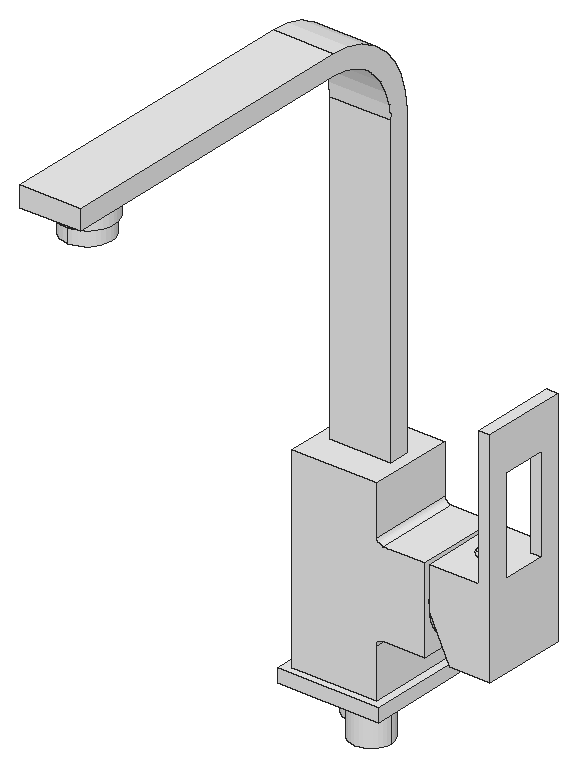
Revit family "Mixer-Sink-Caroma Quatro", category Plumbing Fixtures, host Face, Revit 2013
Parameters (values of type "Standard")
  Waste Connection = no
  Vent Connection = no
  URL = "http://www.caroma.com.au/"
  Type Comments = "Caroma Quatro Sink Mixer"  # constant formula
  Model = "90701C5A"  # constant formula
  Material_ANZRS = Metal-Chrome-Caroma
  Manufacturer = "GWA Bathrooms & Kitchens"  # constant formula
  HWFU = 1.58  # constant formula
  HW Connection = yes
  Description = "WELS 5 Star rated, 6L/min"  # constant formula
  Default Elevation = 0 mm
  CreatedBy_ANZRS = "Design Content"  # constant formula
  CreatedByURL_ANZRS = "www.designcontent.com.au"
  Cost = 0
  Connector Radius = 10 mm
  CWFU = 1.58  # constant formula
  CW Connection = yes
  Assembly Code = "C1030210"
Reference planes
  plane 1 "Center (Front/Back)": y = 0
  plane 2: z = 0
  plane 3 "Center (Left/Right)": x = 0
Forms (mm)
  Extrusion 1, void
    sketch origin (-94.502, 0, 52.5) x (0, 0, -1) y (1, 0, 0)
      loop
        line (-5.184, 140.225) -> (22.235, 140.225) -> (22.235, 153.305) -> (-5.184, 140.225)
    from -50 to 50
  Revolve 2, solid, material "Metal-Chrome-Caroma" <- "Material_ANZRS"
    sketch origin (0, -111.244, 33.851) x (0, 0.994522, 0.104528) y (0, -0.104528, 0.994522)
      loop
        line (-22.255, 259.899) -> (-35.637, 261.305) -> (-37.414, 244.399) -> (-28.464, 243.458) -> (-28.308, 244.95) -> (-25.338, 244.638) -> (-24.502, 252.594) -> (-23.039, 252.44) -> (-22.255, 259.899)
      axis (-35.637, 261.305) -> (-37.414, 244.399)
    angle from 0 to 360
  Extrusion 3, solid, material "Metal-Chrome-Caroma" <- "Material_ANZRS"
    sketch origin (14.2, 0, 0) x (1, 0, 0) y (0, 1, 0)
      loop
        circle (-7.071, -7.071) r 10
    from -20 to 0
  Extrusion 4, solid, material "Metal-Chrome-Caroma" <- "Material_ANZRS"
    sketch origin (-14.2, 0, 0) x (-1, 0, 0) y (0, -1, 0)
      loop
        circle (-7.071, -7.071) r 10
    from -20 to 0
  Extrusion 5, solid, material "Metal-Chrome-Caroma" <- "Material_ANZRS"
    sketch origin (-215.502, 0, 55) x (0, -1, 0) y (0, 0, -1)
      loop
        line (21, -88.994) -> (21, -21) -> (11, -21) -> (11, -68) -> (-11, -68) -> (-11, -21) -> (-21, -21) -> (-21, -88.994) -> (21, -88.994)
    from 287.003 to 292.502
  Extrusion 6, solid, material "Metal-Chrome-Caroma" <- "Material_ANZRS"
    sketch origin (0, 0, 0) x (1, 0, 0) y (0, 1, 0)
      loop
        line (-25, 25) -> (-25, -25) -> (25, -25) -> (25, 25) -> (-25, 25)
    from 0 to 6.496
  Extrusion 7, solid, material "Metal-Chrome-Caroma" <- "Material_ANZRS"
    sketch origin (-215.502, 0, 55) x (0, -1, 0) y (0, 0, -1)
      loop
        line (21, 21) -> (-21, 21) -> (-21, -21) -> (21, -21) -> (21, 21)
    from 262.5 to 292.502
  Revolve 8, solid, material "Metal-Chrome-Caroma" <- "Material_ANZRS", detail levels fine
    sketch origin (-215.502, 0, 55) x (0, 0, -1) y (1, 0, 0)
      loop
        line (-21, 274.284) -> (-21, 278.776)
        arc (-21, 278.776) -> (-21.757, 278.721) -> (-22.273, 278.164) r 1.034
        arc (-22.273, 278.164) -> (-22.817, 276.258) -> (-23, 274.284) r 10.71
        line (-23, 274.284) -> (-21, 274.284)
      axis (-23, 274.284) -> (-21, 274.284)
    angle from 0 to 360
  Revolve 9, solid, material "Metal-Chrome-Caroma" <- "Material_ANZRS"
    sketch origin (-215.502, 0, 55) x (0, 0, -1) y (1, 0, 0)
      loop
        arc (18.995, 260.5) -> (17.363, 268.413) -> (12.735, 275.035) r 20.004
        line (12.735, 275.035) -> (0, 275.035) -> (0, 260.5) -> (18.995, 260.5)
      axis (0, 275.035) -> (0, 260.5)
    angle from 0 to 360
  Extrusion 10, solid, material "Metal-Chrome-Caroma" <- "Material_ANZRS"
    sketch origin (0, 0, 0) x (1, 0, 0) y (0, 0, 1)
      loop
        line (-21, 6.496) -> (21, 6.496) -> (21, 31)
        arc (21, 31) -> (21.879, 33.121) -> (24, 34) r 3
        line (24, 34) -> (45, 34) -> (45, 76) -> (24, 76)
        arc (24, 76) -> (21.879, 76.879) -> (21, 79) r 3
        line (21, 79) -> (21, 103) -> (-21, 103) -> (-21, 6.496)
    from -21 to 21
  Extrusion 11, solid, material "Metal-Chrome-Caroma" <- "Material_ANZRS"
    sketch origin (0, 0, 0) x (0, 1, 0) y (0, 0, 1)
      loop
        line (5, 103) -> (5, 255)
        arc (5, 255) -> (-8.18, 286.82) -> (-40, 300) r 45
        line (-40, 300) -> (-197, 300) -> (-197, 290) -> (-40, 290)
        arc (-40, 290) -> (-15.251, 279.749) -> (-5, 255) r 35
        line (-5, 255) -> (-5, 103) -> (5, 103)
    from -15 to 15
Cuts and joins
  Extrusion 1 cuts Extrusion 7
  joined: Revolve 2, Extrusion 5, Extrusion 6, Extrusion 7, Revolve 9, Extrusion 10, Extrusion 11
Lines and regions (mm)
  Masking region 1
    outline origin (0, 0, 0) x (1, 0, 0) y (0, 0, 1)
      loop
        line (-25, 0) -> (25, 0) -> (25, 6.496) -> (21, 6.496) -> (21, 31)
        arc (21, 31) -> (21.879, 33.121) -> (24, 34) r 3
        line (24, 34) -> (45, 34) -> (45, 36.005)
        arc (45, 36.005) -> (50.092, 36.629) -> (54.834, 38.585) r 19.103
        line (54.834, 38.585) -> (57.021, 34) -> (77, 34) -> (77, 143.994) -> (71.501, 143.994) -> (71.501, 76) -> (46.998, 76) -> (46.998, 73.894) -> (45, 74.009) -> (45, 76) -> (24, 76)
        arc (24, 76) -> (21.879, 76.879) -> (21, 79) r 3
        line (21, 79) -> (21, 103) -> (15, 103) -> (15, 300) -> (-15, 300) -> (-15, 103) -> (-21, 103) -> (-21, 6.496) -> (-25, 6.496) -> (-25, 0)
  Masking region 2
    outline origin (0, 0, 0) x (1, 0, 0) y (0, 1, 0)
      loop
        line (25, 25) -> (-25, 25) -> (-25, -25) -> (-15, -25) -> (-15, -197) -> (15, -197) -> (15, -25) -> (25, -25) -> (25, -21) -> (45, -21) -> (45, -18.995) -> (46.998, -18.894) -> (46.998, -21) -> (77, -21) -> (77, 21) -> (46.998, 21) -> (46.998, 18.894) -> (45, 18.995) -> (45, 21) -> (25, 21) -> (25, 25)
  symbolic lines
    curve 1: line (25, 0, 6.496) -> (-25, 0, 6.496)
    curve 2: line (45, 0, 34) -> (45, 0, 76)
    curve 3: line (46.998, 0, 76) -> (46.998, 0, 55.011)
    curve 4: line (57.021, 0, 34) -> (46.998, 0, 55.011)
    curve 5: line (77, 0, 76) -> (45, 0, 76)
    curve 6: line (71.501, 0, 123) -> (77, 0, 123)
    curve 7: line (21, 0, 103) -> (-21, 0, 103)
    curve 8: line (8.999, 0, 273) -> (-8.999, 0, 273)
    curve 9: line (-8.999, 0, 273) -> (-8.999, 0, 274.5)
    curve 10: line (-8.999, 0, 274.5) -> (-11.984, 0, 274.5)
    curve 11: line (-11.984, 0, 274.5) -> (-11.984, 0, 282.5)
    curve 12: line (-11.984, 0, 282.5) -> (-13.456, 0, 282.5)
    curve 13: line (-13.456, 0, 282.5) -> (-13.456, 0, 290)
    curve 14: line (-15, 0, 290) -> (15, 0, 290)
    curve 15: line (8.999, 0, 273) -> (8.999, 0, 274.5)
    curve 16: line (8.999, 0, 274.5) -> (11.984, 0, 274.5)
    curve 17: line (11.984, 0, 274.5) -> (11.984, 0, 282.5)
    curve 18: line (11.984, 0, 282.5) -> (13.456, 0, 282.5)
    curve 19: line (13.456, 0, 282.5) -> (13.456, 0, 290)
    curve 20: line (-11.984, 0, 282.5) -> (11.984, 0, 282.5)
    curve 21: line (-8.999, 0, 274.5) -> (8.999, 0, 274.5)
    curve 22: line (-15, 5, 0) -> (-15, -197, 0)
    curve 23: line (15, 5, 0) -> (-15, 5, 0)
    curve 24: line (15, -197, 0) -> (15, 5, 0)
    curve 25: line (21, -21, 0) -> (21, 21, 0)
    curve 26: line (45, -21, 0) -> (45, 21, 0)
    curve 27: line (46.998, 21, 0) -> (46.998, -21, 0)
    curve 28: line (71.501, 21, 0) -> (71.501, -21, 0)
    curve 29: line (-21, -21, 0) -> (-15, -21, 0)
    curve 30: line (-21, -21, 0) -> (-21, 21, 0)
    curve 31: line (-21, 21, 0) -> (25, 21, 0)
    curve 32: line (15, -21, 0) -> (25, -21, 0)
Dimensions and locks
  aligned and locked: plane 2 to host face
  aligned and locked: level to host face
Connectors
  piping at (7.129, -7.071, -20), driven by "Connector Radius", driven by "CWFU"
    settings: on Extrusion 3, index 3, connector radius 0.3937", flow factor 0, pipe flow 0 GPM, pressure drop 0.00 psi, fitting loss kfactor 0, connector angle 0.00°, fixture units 1.58, engagement length 0 mm, flow configuration 3, flow direction 1, fitting loss method 1, system type 20, joint type 0, gender type 0, connector reference index -1, connector utility 0, adjustable connector no, is connector primary yes, fitting loss table "Inward Projecting Pipe", connector description "Cold Inlet"
  piping at (-7.129, 7.071, -20), driven by "Connector Radius", driven by "HWFU"
    settings: on Extrusion 4, index 4, connector radius 0.3937", flow factor 0, pipe flow 0 GPM, pressure drop 0.00 psi, fitting loss kfactor 0, connector angle 0.00°, fixture units 1.58, engagement length 0 mm, flow configuration 3, flow direction 1, fitting loss method 1, system type 19, joint type 0, gender type 0, connector reference index -1, connector utility 0, adjustable connector no, is connector primary no, fitting loss table "Inward Projecting Pipe", connector description "Hot Inlet"
